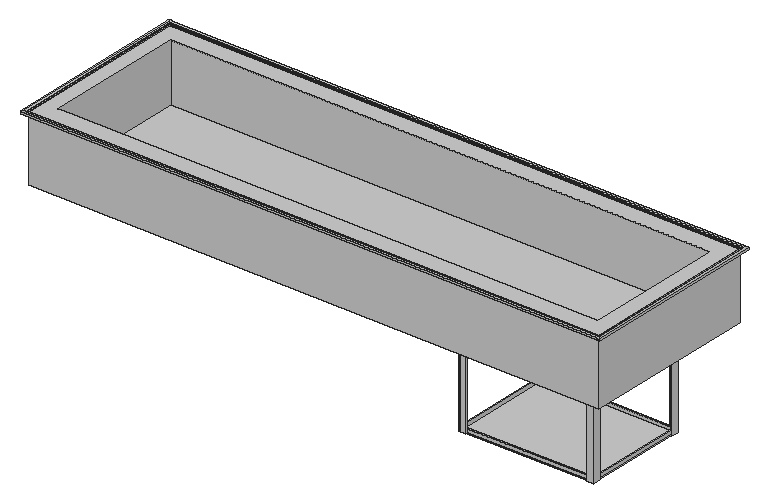
Revit family "QF_VOLLRATH_FC-4CP-06120-R", category Specialty Equipment, Revit 2016
Family settings
  Part Type = Normal
  Round Connector Dimension = Use Diameter
  OmniClass Number = 23.40.40.14.24.14
  OmniClass Title = Service Line Equipment
  Work Plane-Based = Yes
  Always vertical = Yes
  Cut with Voids When Loaded = Yes
  Shared = No
  Room Calculation Point = No
Parameters (values of type "FC-4CP-06120-R")
  Weight in Pounds = 169
  Watts = 624 W
  Waste Water Discharge Temperature [instance] = 0 °F
  Waste Remarks = ""
  Volts = 120 V
  URL Cutsheet = "www.vollrathfoodservice.com/downloads/211935/SPCDrop-InStandardRefrigL36186FC-4CP-pdf"
  URL = "www.vollrathfoodservice.com"
  Status [instance] = ""
  Specification by User [instance] = ""
  Specification by Manufacturer = ""
  Serial Number = ""
  Seismic Rating = ""
  SMACNA No = ""
  Revision Code [instance] = ""
  Plumbing Remarks [instance] = ""
  Plumbing Connection Type [instance] = ""
  Phase = 1
  Number of Poles = 1
  NAFEM Spec ID Number = ""
  Model = "FC-4CP-06120-R"
  Min Ckt Ampacity = 0 A
  Max Overcurrent Protection = 10 A
  Masterspec = ""
  Manufacturer = "VOLLRATH US"
  Item Number [instance] = ""
  Installed By [instance] = ""
  Identify Quantity as Lot [instance] = no
  HP = "0.9"
  Furnished By [instance] = ""
  Foodservice Equipment Identifier [instance] = yes
  FL Amps = 5.2 A
  Electrical Remarks [instance] = ""
  Electric Connection Type [instance] = "Plug&Receptacle"
  Elec Conn RI Height [instance] = 0"
  Elec Conn Connection Height [instance] = 0"
  Direct Waste Size = 1"
  Direct Waste RI Height = 0"
  Direct Waste Flow = 0 GPM
  Direct Waste Connection Height = 0"
  Description = "SIX-WELL 120-VOLT STANDARD REFRIGERATED MODULAR DROP-IN COLD WELL"
  Default Elevation = 0"
  Cycle = 60 Hz
  Conn Plug = "NEMA 5-15P"
  Conn Conduit [instance] = no
  CSI MasterFormat = ""
  Author = ""
  Assembly Code = "E1090320"
  Apparent Power = 624 VA
Reference planes (in)
  plane 1 "Back": y = 0
  plane 2: z = 0
  plane 3 "Left": x = 0
  plane 4 "Front": y = -26
  plane 5 "Top": z = 0
  plane 6 "Right": x = 81.25
Forms (in)
  Extrusion 1, solid
    sketch origin (54.65854, -178.4845, -21.875) x (-1, 0, 0) y (0, -1, 0)
      loop
        line (-2.3275, -172.7345) -> (-3.2025, -172.7345) -> (-3.2025, -172.8595) -> (-2.2025, -172.8595) -> (-2.2025, -171.8595) -> (-2.3275, -171.8595) -> (-2.3275, -172.7345)
      loop
        line (-21.015, -172.7345) -> (-21.015, -171.8595) -> (-21.14, -171.8595) -> (-21.14, -172.8595) -> (-20.14, -172.8595) -> (-20.14, -172.7345) -> (-21.015, -172.7345)
      loop
        line (-2.3275, -158.3285) -> (-2.3275, -159.2035) -> (-2.2025, -159.2035) -> (-2.2025, -158.2035) -> (-3.2025, -158.2035) -> (-3.2025, -158.3285) -> (-2.3275, -158.3285)
      loop
        line (-21.015, -158.3285) -> (-20.14, -158.3285) -> (-20.14, -158.2035) -> (-21.14, -158.2035) -> (-21.14, -159.2035) -> (-21.015, -159.2035) -> (-21.015, -158.3285)
    from -0.5 to 12.808
  Extrusion 2, void
    sketch origin (0, 0, 0) x (1, 0, 0) y (0, 1, 0)
      loop
        line (80.875, -0.375) -> (0.375, -0.375) -> (0.375, -25.625) -> (80.875, -25.625) -> (80.875, -0.375)
    from 3.27425 to -22.375
  Extrusion 3, solid
    sketch origin (0, 0, 0) x (1, 0, 0) y (0, 1, 0)
      loop
        line (0.625, -0.625) -> (0.625, -25.375) -> (80.625, -25.375) -> (80.625, -0.625) -> (0.625, -0.625)
      loop
        line (2.75, -3.0625) -> (2.75, -22.9375) -> (78.5, -22.9375) -> (78.5, -3.0625) -> (2.75, -3.0625)
    from 0 to 0.14643
  Extrusion 4, solid
    sketch origin (0, 0, 0) x (1, 0, 0) y (0, 1, 0)
      loop
        line (0.625, -0.625) -> (0.625, -25.375) -> (80.625, -25.375) -> (80.625, -0.625) -> (0.625, -0.625)
      loop
        line (78.5, -22.9375) -> (78.5, -3.0625) -> (2.75, -3.0625) -> (2.75, -22.9375) -> (78.5, -22.9375)
    from -9.067 to 0
  Sweep 5, solid
    path origin (0, 0, 0) x (1, 0, 0) y (0, 1, 0)
      loop
        line (0.34375, -0.34375) -> (0.34375, -25.65625) -> (80.90625, -25.65625) -> (80.90625, -0.34375) -> (0.34375, -0.34375)
    profile origin (40.625, -0.34375, 0) x (0, 1, 0) y (0, 0, 1)
      loop
        line (0.34375, 0) -> (0.34375, 0.24548)
        arc (0.34375, 0.24548) -> (0.25632, 0.36797) -> (0.11207, 0.3251) r 0.12952
        line (0.11207, 0.3251) -> (0.00446, 0.18703)
        arc (0.00446, 0.18703) -> (-0.03241, 0.15713) -> (-0.07866, 0.14643) r 0.10539
        line (-0.07866, 0.14643) -> (-0.28125, 0.14643) -> (-0.28125, 0) -> (0.34375, 0)
  Extrusion 6, solid
    sketch origin (54.65854, -178.4845, -22.375) x (-1, 0, 0) y (0, -1, 0)
      loop
        line (-2.3275, -172.7345) -> (-2.3275, -158.3285) -> (-21.015, -158.3285) -> (-21.015, -172.7345) -> (-2.3275, -172.7345)
    from 0 to 0.125
  Extrusion 7, solid
    sketch origin (48.70169, 0, -0.375) x (1, 0, 0) y (0, 1, 0)
      loop
        line (8.28434, -20.156) -> (26.97184, -20.156) -> (26.97184, -5.75) -> (8.28434, -5.75) -> (8.28434, -20.156)
      loop
        line (26.84684, -5.875) -> (8.40934, -5.875) -> (8.40934, -20.031) -> (26.84684, -20.031) -> (26.84684, -5.875)
    from -21.875 to -21.375
  Extrusion 8, solid
    sketch origin (56.98604, -20.156, -22.25) x (1, 0, 0) y (0, 0, -1)
      loop
        line (0, -13.183) -> (18.6875, -13.183) -> (18.6875, -12.183) -> (0, -12.183) -> (0, -13.183)
    from 0 to 0.125
  Extrusion 9, solid
    sketch origin (56.98604, -5.75, -22.25) x (1, 0, 0) y (0, 0, 1)
      loop
        line (0, 13.183) -> (0, 12.183) -> (18.6875, 12.183) -> (18.6875, 13.183) -> (0, 13.183)
    from 0 to 0.125
  Extrusion 10, solid
    sketch origin (56.98604, -19.281, -22.25) x (0, -1, 0) y (0, 0, -1)
      loop
        line (0, -13.183) -> (0, -12.183) -> (-1.125, -12.183) -> (-1.125, -13.183) -> (0, -13.183)
      loop
        line (-12.656, -13.183) -> (-11.531, -13.183) -> (-11.531, -12.183) -> (-12.656, -12.183) -> (-12.656, -13.183)
    from 0 to -0.125
  Extrusion 11, solid
    sketch origin (75.67354, -19.281, -22.25) x (0, -1, 0) y (0, 0, 1)
      loop
        line (0, 13.183) -> (-1.125, 13.183) -> (-1.125, 12.183) -> (0, 12.183) -> (0, 13.183)
      loop
        line (-12.656, 13.183) -> (-12.656, 12.183) -> (-11.531, 12.183) -> (-11.531, 13.183) -> (-12.656, 13.183)
    from 0 to -0.125
  Extrusion 12, solid
    sketch origin (0, 0, 2.308) x (1, 0, 0) y (0, 1, 0)
      loop
        line (78.5, -3.0625) -> (2.75, -3.0625) -> (2.75, -22.9375) -> (78.5, -22.9375) -> (78.5, -3.0625)
      loop
        circle (51.86104, -13) r 0.75
    from -11.375 to -10.305
  Extrusion 13, solid
    sketch origin (57.20169, 0, -0.375) x (1, 0, 0) y (0, 1, 0)
      loop
        circle (-5.34066, -13) r 0.5
      loop
        circle (-5.34066, -13) r 0.75
    from -8.692 to -7.622
  Extrusion 14, solid
    sketch origin (51.82979, 0, -0.375) x (1, 0, 0) y (0, 1, 0)
      loop
        circle (14.5, -13) r 0.25
    from -8.692 to -8.89849
Cuts and joins
  joined: Extrusion 3, Extrusion 4, Extrusion 12
Lines and regions (in)
  symbolic lines, style "200-EquipBorder-2D"
    curve 1: line (81.25, 0, 0) -> (0, 0, 0)
    curve 2: line (81.25, -26, 0) -> (81.25, 0, 0)
    curve 3: line (0, 0, 0) -> (0, -26, 0)
    curve 8: line (0, -26, 0) -> (81.25, -26, 0)
  symbolic lines, style "200-EquipInternal-2D"
    curve 4: line (78.5, -3.0625, 0) -> (2.75, -3.0625, 0)
    curve 5: line (78.5, -22.9375, 0) -> (78.5, -3.0625, 0)
    curve 6: line (2.75, -22.9375, 0) -> (78.5, -22.9375, 0)
    curve 7: line (2.75, -3.0625, 0) -> (2.75, -22.9375, 0)
    curve 9: arc (51.36104, -13, 0) -> (51.86104, -12.5, 0) -> (52.36104, -13, 0) r 0.5
    curve 10: arc (52.36104, -13, 0) -> (51.86104, -13.5, 0) -> (51.36104, -13, 0) r 0.5
    curve 11: arc (51.11104, -13, 0) -> (51.86104, -12.25, 0) -> (52.61104, -13, 0) r 0.75
    curve 12: arc (52.61104, -13, 0) -> (51.86104, -13.75, 0) -> (51.11104, -13, 0) r 0.75
Dimensions and locks (in)
  plane 3 "Left" to plane 6 "Right" = 81 1/4"
  plane 4 "Front" to plane 1 "Back" = 26"
  Extrusion 6 sketch curve to Extrusion 6 sketch curve = 18 11/16"
  aligned and locked: level to plane 2
Connectors (in)
  electrical at (66.32979, -13, -9.27349), driven by "Number of Poles", driven by "Volts", driven by "Watts"
    settings: on Extrusion 14, index 1, voltage 120 V, apparent load 0 VA, apparent load phase1 624 VA, apparent load phase2 0 VA, apparent load phase3 0 VA, power factor 1, load classification "Other", number of poles 1, system type 31, power factor state 1, is connector primary yes, connector utility no, sub classification motor no, connector description "Electrical connection"
  piping at (51.86104, -13, -9.067), diameter 1, driven by "Direct Waste Flow", driven by "Direct Waste Size"
    settings: on cut or joined group of Extrusion 3, Extrusion 4, Extrusion 12, index 2, connector inside diameter 24", connector length 0", flow factor 0, pipe flow 0 GPM, pressure drop 0.00 psi, fitting loss kfactor 0, connector angle 0.00°, fixture units 0, engagement length 0", angle of deflection 0.00°, flow configuration 1, flow direction 2, fitting loss method 0, system type 16, joint type 0, gender type 0, connector reference index -1, connector utility 0, adjustable connector no, is connector primary yes, connector description "Drain"
